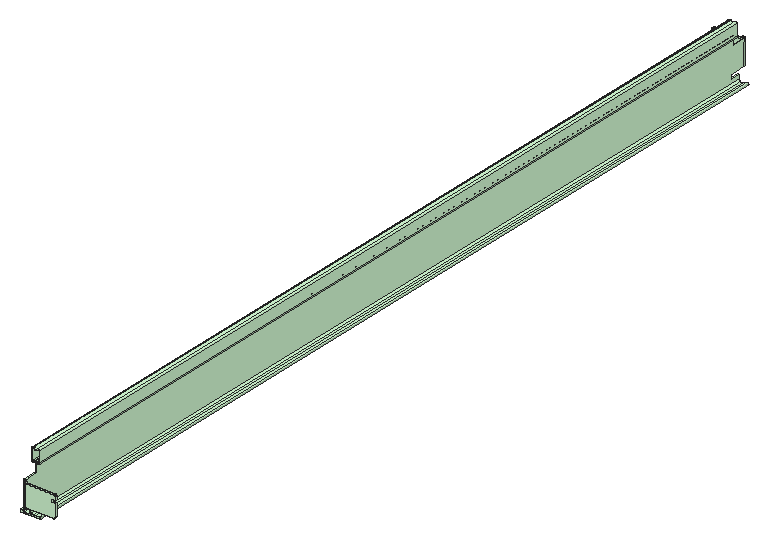
Revit family "et4015_cross_640", category 機械設備, Revit 2022
Family settings
  丸型コネクタ寸法 = 直径を使用
  種別 = なし
  パーツ タイプ = 標準
  作業面ベース = いいえ
  常に垂直 = はい
  ロード時にボイドで切り取り = いいえ
  注釈の向きを維持 = いいえ
  共有 = いいえ
  部屋計算ポイント = いいえ
Parameters
  製造元 = "株式会社桐井製作所"
  既定の高さ = 0 mm
  URL = "https://www.kirii.co.jp/"
  K_長さ(mm) = 640 mm
  K_材質 = "溶融亜鉛めっき鋼板及び鋼帯SGCC 一般用　カラー鋼板"
  K_品名 = "eTバー4015クロス(640グリッド用)"
  K_名称 = "Tバー"
  K_入数 = "40"
  K_バージョン情報 = "20220411"
  K_めっき付着量 = "JIS G 3302 Z12、カラー鋼板　塗装膜厚20μ(白色)"
  K_JIS規格 = "JIS G 3302"
Reference planes
  plane 1 "中心(正面/背面)": y = 0
  plane 2: z = 0
  plane 3 "中心(左/右)": x = 0
  plane 4: y = 647.2
Forms (mm)
  Extrusion 1, solid
    sketch origin (0, -1320, 7.1) x (-1, 0, 0) y (0, 0, 1)
      loop
        arc (0.4, 24.899) -> (0.715, 25.363) -> (1.263, 25.242) r 0.5
        arc (1.263, 25.242) -> (1.627, 24.916) -> (2.1, 24.799) r 1.011
        arc (2.1, 24.799) -> (2.736, 25.062) -> (3, 25.699) r 0.9
        line (3, 25.699) -> (3, 33.799)
        arc (3, 33.799) -> (2.473, 34.679) -> (1.448, 34.633) r 1
        line (1.448, 34.633) -> (0, 33.681) -> (-1.448, 34.633)
        arc (-1.448, 34.633) -> (-2.473, 34.679) -> (-3, 33.799) r 1
        line (-3, 33.799) -> (-3, 25.699)
        arc (-3, 25.699) -> (-2.736, 25.062) -> (-2.1, 24.799) r 0.9
        arc (-2.1, 24.799) -> (-1.627, 24.916) -> (-1.263, 25.242) r 1.011
        arc (-1.263, 25.242) -> (-0.715, 25.363) -> (-0.4, 24.899) r 0.5
        line (-0.4, 24.899) -> (-0.4, -5.442)
        arc (-0.4, -5.442) -> (-0.717, -6.207) -> (-1.483, -6.525) r 1.083
        line (-1.483, -6.525) -> (-4, -6.26) -> (-5.807, -6.26) -> (-6.519, -5.891)
        arc (-6.519, -5.891) -> (-7.477, -6.278) -> (-6.85, -7.1) r 0.65
        line (-6.85, -7.1) -> (6.85, -7.1)
        arc (6.85, -7.1) -> (7.477, -6.278) -> (6.519, -5.891) r 0.65
        line (6.519, -5.891) -> (5.807, -6.26) -> (4, -6.26) -> (1.483, -6.525)
        arc (1.483, -6.525) -> (0.717, -6.207) -> (0.4, -5.441) r 1.083
        line (0.4, -5.441) -> (0.4, 24.899)
      loop
        arc (-1.668, 34.298) -> (-2.283, 34.327) -> (-2.6, 33.799) r 0.6
        line (-2.6, 33.799) -> (-2.6, 25.699)
        arc (-2.6, 25.699) -> (-2.302, 25.241) -> (-1.763, 25.329) r 0.5
        line (-1.763, 25.329) -> (-1.063, 25.784)
        arc (-1.063, 25.784) -> (-0.324, 25.59) -> (0, 24.899) r 0.9
        arc (0, 24.899) -> (0.324, 25.59) -> (1.063, 25.784) r 0.9
        line (1.063, 25.784) -> (1.763, 25.329)
        arc (1.763, 25.329) -> (2.302, 25.241) -> (2.6, 25.699) r 0.5
        line (2.6, 25.699) -> (2.6, 33.799)
        arc (2.6, 33.799) -> (2.283, 34.327) -> (1.668, 34.298) r 0.6
        line (1.668, 34.298) -> (0.549, 33.563)
        arc (0.549, 33.563) -> (0, 33.399) -> (-0.549, 33.563) r 1
        line (-0.549, 33.563) -> (-1.668, 34.298)
    from 1320 to 1967.2
  Extrusion 2, void
    sketch origin (0, 0, 0) x (0, 1, 0) y (0, 0, 1)
      loop
        line (5, 41.941) -> (0, 41.941) -> (0, 25.737) -> (5, 25.737) -> (5, 41.941)
    from -3 to 3
  Extrusion 3, void
    sketch origin (0, 0, 0) x (0, 1, 0) y (0, 0, 1)
      loop
        line (6.9, 7.833) -> (0, 7.833) -> (0, 4.833) -> (6.9, 4.833) -> (6.9, 7.833)
    from -0.4 to 0.4
  Extrusion 4, void
    sketch origin (0, 647.2, 0) x (0, -1, 0) y (0, 0, -1)
      loop
        line (5, -41.941) -> (5, -25.737) -> (0, -25.737) -> (0, -41.941) -> (5, -41.941)
    from -3 to 3
  Extrusion 5, solid
    sketch origin (0.114, 647.2, 16.166) x (-1, 0, 0) y (0, -1, 0)
      loop
        line (24.214, -7.2) -> (24.214, -6.4) -> (1.714, -6.4)
        arc (1.714, -6.4) -> (0.866, -6.049) -> (0.514, -5.2) r 1.2
        line (0.514, -5.2) -> (0.514, 0) -> (-0.286, 0) -> (-0.286, -5.2)
        arc (-0.286, -5.2) -> (0.3, -6.614) -> (1.714, -7.2) r 2
        line (1.714, -7.2) -> (24.214, -7.2)
    from -8.266 to 9.571
  Extrusion 6, void
    sketch origin (0, 647.2, -7.234) x (-1, 0, 0) y (0, 0, 1)
      loop
        line (24.1, 26.599) -> (24.1, 28.599) -> (21.1, 28.599) -> (21.1, 26.599) -> (24.1, 26.599)
    from 6.4 to 7.2
  Extrusion 7, void
    sketch origin (0, 647.2, -8.099) x (-1, 0, 0) y (0, 0, 1)
      loop
        line (24.1, 15.931) -> (24.1, 17.999)
        arc (24.1, 17.999) -> (23.231, 17.237) -> (22.1, 16.999) r 2.28
        line (22.1, 16.999) -> (2.6, 16.999) -> (2.6, 15.931) -> (24.1, 15.931)
    from 6.4 to 7.2
  Extrusion 8, void
    sketch origin (0, 660.8, -7.396) x (-1, 0, 0) y (0, 0, -1)
      loop
        line (2.6, -31.999) -> (2.6, -33.134) -> (24.1, -33.134) -> (24.1, -30.999)
        arc (24.1, -30.999) -> (23.807, -31.706) -> (23.1, -31.999) r 1
        line (23.1, -31.999) -> (2.6, -31.999)
    from 6.4 to 7.2
  Extrusion 9, solid
    sketch origin (-0.114, 0, 16.004) x (1, 0, 0) y (0, 1, 0)
      loop
        line (24.214, -7.2) -> (24.214, -6.4) -> (1.714, -6.4)
        arc (1.714, -6.4) -> (0.866, -6.049) -> (0.514, -5.2) r 1.2
        line (0.514, -5.2) -> (0.514, 0) -> (-0.286, 0) -> (-0.286, -5.2)
        arc (-0.286, -5.2) -> (0.3, -6.614) -> (1.714, -7.2) r 2
        line (1.714, -7.2) -> (24.214, -7.2)
    from -8.104 to 9.734
  Extrusion 10, void
    sketch origin (0, 0, -7.396) x (1, 0, 0) y (0, 0, 1)
      loop
        line (2.6, 31.999) -> (23.1, 31.999)
        arc (23.1, 31.999) -> (23.807, 31.706) -> (24.1, 30.999) r 1
        line (24.1, 30.999) -> (24.1, 33.134) -> (2.6, 33.134) -> (2.6, 31.999)
    from 6.4 to 7.2
  Extrusion 11, void
    sketch origin (0, 0, -7.396) x (1, 0, 0) y (0, 0, 1)
      loop
        line (24.1, 26.599) -> (24.1, 28.599) -> (21.1, 28.599) -> (21.1, 26.599) -> (24.1, 26.599)
    from 6.4 to 7.2
  Extrusion 12, void
    sketch origin (0, -13.6, -8.194) x (1, 0, 0) y (0, 0, -1)
      loop
        line (24.1, -16.094) -> (2.6, -16.094) -> (2.6, -16.999) -> (22.1, -16.999)
        arc (22.1, -16.999) -> (23.231, -17.237) -> (24.1, -17.999) r 2.28
        line (24.1, -17.999) -> (24.1, -16.094)
    from 6.4 to 7.2
  Extrusion 13, void
    sketch origin (0, 647.2, -0.163) x (0, -1, 0) y (0, 0, -1)
      loop
        line (6.9, -7.833) -> (6.9, -4.833) -> (0, -4.833) -> (0, -7.833) -> (6.9, -7.833)
    from -0.4 to 0.4
Cuts and joins
  Extrusion 2, Extrusion 3, Extrusion 4, Extrusion 13 cuts Extrusion 1
  Extrusion 6, Extrusion 7, Extrusion 8 cuts Extrusion 5
  Extrusion 10, Extrusion 11, Extrusion 12 cuts Extrusion 9
  joined: Extrusion 1, Extrusion 5, Extrusion 9
Dimensions and locks
  plane 4 to plane 1 "中心(正面/背面)" = 647.2 mm
  aligned and locked: level to plane 2
  aligned and locked: plane 4 to Extrusion 1
